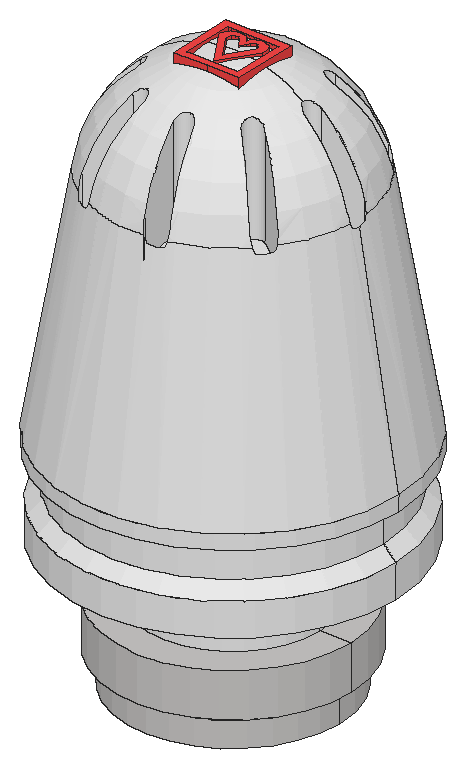
Revit family "HERZ-Mini-GS-Design-Thermostatic Sensor M28x1.5 9200 06", category Rohrzubehör, Revit 2021
Family settings
  Bemaßung runder Anschluss = Durchmesser verwenden
  Teiletyp = Normal
  OmniClass-Nummer = 23.65.55.14
  OmniClass-Titel = Valves for Liquid Services
  Arbeitsebenenbasiert = Nein
  Immer vertikal = Nein
  Beim Laden mit Abzugskörper schneiden = Nein
  Gemeinsam genutzt = Nein
Parameters
  Vorgabe-Ansicht = 0 mm
  URL = "www.herzvalves.com"
  Set value range = "6-28°C"  # constant formula
  S02 = 60 mm  # constant formula
  S01 = 73 mm  # constant formula
  Part number = 1920006  # constant formula
  Operation = "The HERZ thermostat serves as a sensing and control element.\r\nThe volumetric change of the liquid filling in the HERZ hydrosensor moves the thrust spindle of the valve."
  Shut off zero position = "When set to \"0\", the thermostatic valve is shut off and the frost protection is disabled."
  Hersteller = "HERZ Armaturen Ges.m.b.H."  # constant formula
  Hand wheel = "plastic, white"  # constant formula
  Frost protection = 6 °C  # constant formula
  Frost protection setpoint range = "6-28°C"  # constant formula
  Frost protection * = "When set to *, the valve automatically opens at approx.\r\n6 ° C ambient temperature and prevents the system from freezing."
  Application = "For mounting on valves that are designed for thermostatic operation."
Reference planes
  plane 1 "Mitte (Vorne/hinten)": y = 0
  plane 2: z = 0
  plane 3 "Mitte (Links/rechts)": x = 0
Forms (mm)
  Revolve 1, solid, material "Kunststoff weiß", detail levels fine
    sketch origin (0, 0, 0) x (1, 0, 0) y (0, 0, 1)
      loop
        line (0, 0) -> (0, 73)
        arc (0, 73) -> (-11.397, 68.78) -> (-17.297, 58.156) r 17.5
        arc (-17.297, 58.156) -> (-20.011, 42.065) -> (-22.88, 26) r 1681.293
        line (-22.88, 26) -> (-22.88, 24) -> (-20.75, 24) -> (-20.75, 19.25) -> (-22.5, 17.5) -> (-22.5, 13) -> (-12.8, 13)
        arc (-12.8, 13) -> (-12.234, 12.766) -> (-12, 12.2) r 0.8
        line (-12, 12.2) -> (-12, 4.8) -> (-13.2, 4.8) -> (-13.2, 0) -> (0, 0)
      axis (0, 73) -> (0, 0)
    angle from 0 to 360
  Revolve 2, solid, material "Messing verzinkt", detail levels fine
    sketch origin (0, 0, 0) x (1, 0, 0) y (0, 0, 1)
      loop
        line (0, 0) -> (0, 5.5) -> (-16.35, 5.5) -> (-16.35, -0.576) -> (-14.75, -1.5) -> (-14.75, -5) -> (-13.35, -5) -> (-13.35, 0) -> (0, 0)
      axis (0, 5.5) -> (0, -5)
    angle from 0 to 360
  Extrusion 3, void
    sketch origin (0, 0, 0) x (1, 0, 0) y (0, 1, 0)
      loop
        arc (11.027, 1.298) -> (9.8, 0) -> (11.027, -1.298) r 1.3
        line (11.027, -1.298) -> (16.77, -1.62)
        arc (16.77, -1.62) -> (17.178, -1.485) -> (17.384, -1.107) r 0.586
        arc (17.384, -1.107) -> (17.453, 0.011) -> (17.382, 1.129) r 9
        arc (17.382, 1.129) -> (17.183, 1.492) -> (16.79, 1.621) r 0.564
        line (16.79, 1.621) -> (11.027, 1.298)
      loop
        line (9.282, 6.094) -> (13.904, 9.55)
        arc (13.904, 9.55) -> (14.121, 9.902) -> (14.04, 10.308) r 0.564
        arc (14.04, 10.308) -> (13.376, 11.21) -> (12.605, 12.023) r 9
        arc (12.605, 12.023) -> (12.205, 12.18) -> (11.805, 12.021) r 0.586
        line (11.805, 12.021) -> (7.613, 8.082)
        arc (7.613, 8.082) -> (7.507, 6.299) -> (9.282, 6.094) r 1.3
      loop
        arc (0.637, 11.085) -> (1.702, 9.651) -> (3.193, 10.634) r 1.3
        line (3.193, 10.634) -> (4.508, 16.234)
        arc (4.508, 16.234) -> (4.445, 16.659) -> (4.109, 16.928) r 0.586
        arc (4.109, 16.928) -> (3.02, 17.189) -> (1.907, 17.313) r 9
        arc (1.907, 17.313) -> (1.515, 17.181) -> (1.319, 16.816) r 0.564
        line (1.319, 16.816) -> (0.637, 11.085)
      loop
        line (-4.39, 10.199) -> (-6.991, 15.351)
        arc (-6.991, 15.351) -> (-7.3, 15.626) -> (-7.713, 15.617) r 0.564
        arc (-7.713, 15.617) -> (-8.717, 15.12) -> (-9.651, 14.501) r 9
        arc (-9.651, 14.501) -> (-9.875, 14.134) -> (-9.788, 13.713) r 0.586
        line (-9.788, 13.713) -> (-6.638, 8.901)
        arc (-6.638, 8.901) -> (-4.9, 8.487) -> (-4.39, 10.199) r 1.3
      loop
        arc (-10.806, 2.552) -> (-9.209, 3.352) -> (-9.918, 4.991) r 1.3
        line (-9.918, 4.991) -> (-15.204, 7.258)
        arc (-15.204, 7.258) -> (-15.634, 7.271) -> (-15.957, 6.986) r 0.586
        arc (-15.957, 6.986) -> (-16.404, 5.959) -> (-16.719, 4.884) r 9
        arc (-16.719, 4.884) -> (-16.657, 4.475) -> (-16.332, 4.219) r 0.564
        line (-16.332, 4.219) -> (-10.806, 2.552)
      loop
        line (-10.806, -2.552) -> (-16.332, -4.219)
        arc (-16.332, -4.219) -> (-16.657, -4.475) -> (-16.719, -4.884) r 0.564
        arc (-16.719, -4.884) -> (-16.404, -5.959) -> (-15.957, -6.986) r 9
        arc (-15.957, -6.986) -> (-15.634, -7.271) -> (-15.204, -7.258) r 0.586
        line (-15.204, -7.258) -> (-9.918, -4.991)
        arc (-9.918, -4.991) -> (-9.209, -3.352) -> (-10.806, -2.552) r 1.3
      loop
        arc (9.282, -6.094) -> (7.507, -6.299) -> (7.613, -8.082) r 1.3
        line (7.613, -8.082) -> (11.805, -12.021)
        arc (11.805, -12.021) -> (12.205, -12.18) -> (12.605, -12.023) r 0.586
        arc (12.605, -12.023) -> (13.376, -11.21) -> (14.04, -10.308) r 9
        arc (14.04, -10.308) -> (14.121, -9.902) -> (13.904, -9.55) r 0.564
        line (13.904, -9.55) -> (9.282, -6.094)
      loop
        line (0.637, -11.085) -> (1.319, -16.816)
        arc (1.319, -16.816) -> (1.515, -17.181) -> (1.907, -17.313) r 0.564
        arc (1.907, -17.313) -> (3.02, -17.189) -> (4.109, -16.928) r 9
        arc (4.109, -16.928) -> (4.445, -16.659) -> (4.508, -16.234) r 0.586
        line (4.508, -16.234) -> (3.193, -10.634)
        arc (3.193, -10.634) -> (1.702, -9.651) -> (0.637, -11.085) r 1.3
      loop
        arc (-4.39, -10.199) -> (-4.9, -8.487) -> (-6.638, -8.901) r 1.3
        line (-6.638, -8.901) -> (-9.788, -13.713)
        arc (-9.788, -13.713) -> (-9.875, -14.134) -> (-9.651, -14.501) r 0.586
        arc (-9.651, -14.501) -> (-8.717, -15.12) -> (-7.713, -15.617) r 9
        arc (-7.713, -15.617) -> (-7.3, -15.626) -> (-6.991, -15.351) r 0.564
        line (-6.991, -15.351) -> (-4.39, -10.199)
    from 55 to 73
Cuts and joins
  Extrusion 3 cuts Revolve 1
Lines and regions (mm)
  model lines, detail levels coarse+medium
    curve 1: line (0, 0, 0) -> (0, 0, 13)
    curve 2: line (0, -0.017, 0) -> (0, 13, 0)
    curve 3: circle (0, 0, 43) r 30 normal (0, -1, 0)
    curve 4: circle (0, 0, 43) r 30 normal (1, 0, 0)
    curve 5: line (0, 0, 23) -> (0, 0, 63)
    curve 6: line (0, 17.5, 63) -> (0, -17.5, 63)
    curve 7: line (-17.5, 0, 63) -> (17.5, 0, 63)
    curve 8: circle (0, 43, 0) r 30 normal (0, 0, 1)
    curve 9: line (0, 23, 0) -> (0, 63, 0)
    curve 10: line (-17.5, 63, 0) -> (17.5, 63, 0)
Dimensions and locks
  "S01": curve 4 to plane 2
  "S01": curve 3 to plane 2
  "S01": plane 1 "Mitte (Vorne/hinten)" to curve 8
  "S02": diameter of curve 3
  "S02": diameter of curve 4
  "S02": diameter of curve 8
  aligned and locked: level to plane 2
Automatic sketch dimensions
  Revolve 1 sketch curve to level = 0 mm
  Revolve 1 sketch curve to plane 3 "Mitte (Links/rechts)" = 0 mm  (x2)
  Revolve 1 sketch curve to plane 3 "Mitte (Links/rechts)" = 12 mm
  Revolve 1 sketch curve to Revolve 1 sketch curve = 0.8 mm
  Revolve 1 sketch curve to Revolve 1 sketch curve = 1.2 mm
  Revolve 1 sketch curve to Revolve 1 sketch curve = 7.95 mm
  Revolve 1 sketch curve to Revolve 1 sketch curve = 1.75 mm  (x2)
  Revolve 1 sketch curve to Revolve 1 sketch curve = 2.13 mm
  level to Revolve 1 sketch curve = 329.658 mm
  Revolve 1 sketch curve to plane 3 "Mitte (Links/rechts)" = 1676.524 mm
  level to Revolve 1 sketch curve = 4.8 mm
  Revolve 1 sketch curve to Revolve 1 sketch curve = 7.4 mm
  Revolve 1 sketch curve to Revolve 1 sketch curve = 4.5 mm
  Revolve 1 sketch curve to Revolve 1 sketch curve = 4.75 mm
  Revolve 1 sketch curve to Revolve 1 sketch curve = 2 mm
  Revolve 1 sketch curve to Revolve 1 sketch curve = 29.5 mm
  Revolve 1 sketch curve to Revolve 1 sketch curve = 17.5 mm
  Revolve 1 sketch curve to level = 366.045 mm
  Revolve 1 sketch curve to Revolve 1 sketch curve = 2141.315 mm
  Revolve 2 sketch curve to level = 0 mm
  Revolve 2 sketch curve to plane 3 "Mitte (Links/rechts)" = 0 mm  (x2)
  Revolve 2 sketch curve to level = 5 mm
  Revolve 2 sketch curve to plane 3 "Mitte (Links/rechts)" = 13.35 mm
  Revolve 2 sketch curve to Revolve 2 sketch curve = 1.4 mm
  Revolve 2 sketch curve to level = 0.576 mm
  Revolve 2 sketch curve to Revolve 2 sketch curve = 1.6 mm
  Revolve 2 sketch curve to level = 1.5 mm
  level to Revolve 2 sketch curve = 5.5 mm
  Revolve 2 sketch curve to Revolve 2 sketch curve = 361.045 mm
  Revolve 2 sketch curve to Revolve 2 sketch curve = 2208.815 mm
  plane 1 "Mitte (Vorne/hinten)" to Extrusion 3 sketch curve = 0 mm  (x2)
  Extrusion 3 sketch curve to plane 1 "Mitte (Vorne/hinten)" = 4.219 mm
  Extrusion 3 sketch curve to plane 3 "Mitte (Links/rechts)" = 16.332 mm
  plane 1 "Mitte (Vorne/hinten)" to Extrusion 3 sketch curve = 4.219 mm
  Extrusion 3 sketch curve to Extrusion 3 sketch curve = 0 mm  (x11)
  Extrusion 3 sketch curve to Extrusion 3 sketch curve = 0.163 mm  (x2)
  Extrusion 3 sketch curve to Extrusion 3 sketch curve = 0.734 mm  (x2)
  plane 1 "Mitte (Vorne/hinten)" to Extrusion 3 sketch curve = 7.258 mm
  Extrusion 3 sketch curve to Extrusion 3 sketch curve = 0.231 mm  (x2)
  Extrusion 3 sketch curve to plane 1 "Mitte (Vorne/hinten)" = 7.258 mm
  plane 1 "Mitte (Vorne/hinten)" to Extrusion 3 sketch curve = 2.552 mm
  Extrusion 3 sketch curve to Extrusion 3 sketch curve = 5.526 mm
  Extrusion 3 sketch curve to plane 1 "Mitte (Vorne/hinten)" = 2.552 mm
  Extrusion 3 sketch curve to Extrusion 3 sketch curve = 0.375 mm  (x2)
  Extrusion 3 sketch curve to Extrusion 3 sketch curve = 0.512 mm  (x2)
  Extrusion 3 sketch curve to Extrusion 3 sketch curve = 5.416 mm  (x2)
  Extrusion 3 sketch curve to Extrusion 3 sketch curve = 0.49 mm  (x2)
  Extrusion 3 sketch curve to Extrusion 3 sketch curve = 2.488 mm  (x2)
  Extrusion 3 sketch curve to Extrusion 3 sketch curve = 1.803 mm  (x2)
  Extrusion 3 sketch curve to Extrusion 3 sketch curve = 0.504 mm  (x2)
  Extrusion 3 sketch curve to Extrusion 3 sketch curve = 3.281 mm  (x2)
  Extrusion 3 sketch curve to Extrusion 3 sketch curve = 1.088 mm  (x2)
  Extrusion 3 sketch curve to Extrusion 3 sketch curve = 1.16 mm  (x2)
  Extrusion 3 sketch curve to Extrusion 3 sketch curve = 1.324 mm  (x2)
  plane 3 "Mitte (Links/rechts)" to Extrusion 3 sketch curve = 0.637 mm  (x2)
  plane 3 "Mitte (Links/rechts)" to Extrusion 3 sketch curve = 1.319 mm  (x2)
  plane 3 "Mitte (Links/rechts)" to Extrusion 3 sketch curve = 1.468 mm  (x2)
  Extrusion 3 sketch curve to Extrusion 3 sketch curve = 0.561 mm  (x2)
  Extrusion 3 sketch curve to Extrusion 3 sketch curve = 1.291 mm  (x2)
  Extrusion 3 sketch curve to Extrusion 3 sketch curve = 1.266 mm  (x2)
  Extrusion 3 sketch curve to Extrusion 3 sketch curve = 2.058 mm  (x2)
  Extrusion 3 sketch curve to Extrusion 3 sketch curve = 0.57 mm  (x2)
  Extrusion 3 sketch curve to Extrusion 3 sketch curve = 5.007 mm  (x2)
  Extrusion 3 sketch curve to Extrusion 3 sketch curve = 1.138 mm  (x2)
  Extrusion 3 sketch curve to Extrusion 3 sketch curve = 1.978 mm
  Extrusion 3 sketch curve to Extrusion 3 sketch curve = 0.89 mm  (x2)
  Extrusion 3 sketch curve to Extrusion 3 sketch curve = 0.779 mm  (x2)
  plane 1 "Mitte (Vorne/hinten)" to Extrusion 3 sketch curve = 1.298 mm
  Extrusion 3 sketch curve to Extrusion 3 sketch curve = 2.575 mm
  Extrusion 3 sketch curve to Extrusion 3 sketch curve = 0.073 mm
  Extrusion 3 sketch curve to Extrusion 3 sketch curve = 4.192 mm  (x2)
  Extrusion 3 sketch curve to Extrusion 3 sketch curve = 0.401 mm  (x2)
  Extrusion 3 sketch curve to Extrusion 3 sketch curve = 1.36 mm  (x2)
  Extrusion 3 sketch curve to Extrusion 3 sketch curve = 0.338 mm  (x2)
  plane 1 "Mitte (Vorne/hinten)" to Extrusion 3 sketch curve = 1.62 mm
  Extrusion 3 sketch curve to Extrusion 3 sketch curve = 5.743 mm
  Extrusion 3 sketch curve to plane 1 "Mitte (Vorne/hinten)" = 1.621 mm
  Extrusion 3 sketch curve to Extrusion 3 sketch curve = 0.02 mm
  Extrusion 3 sketch curve to Extrusion 3 sketch curve = 0.033 mm
  Extrusion 3 sketch curve to Extrusion 3 sketch curve = 0.032 mm
  plane 1 "Mitte (Vorne/hinten)" to Extrusion 3 sketch curve = 7.32 mm
  Extrusion 3 sketch curve to Extrusion 3 sketch curve = 6.784 mm
  Extrusion 3 sketch curve to Extrusion 3 sketch curve = 1.004 mm
  Extrusion 3 sketch curve to Extrusion 3 sketch curve = 1.581 mm  (x2)
  Extrusion 3 sketch curve to Extrusion 3 sketch curve = 1.468 mm
  Extrusion 3 sketch curve to Extrusion 3 sketch curve = 0.712 mm  (x2)
  Extrusion 3 sketch curve to Extrusion 3 sketch curve = 0.452 mm  (x2)
  Extrusion 3 sketch curve to Extrusion 3 sketch curve = 2.31 mm  (x2)
  Extrusion 3 sketch curve to Extrusion 3 sketch curve = 0.297 mm  (x2)
  Extrusion 3 sketch curve to Extrusion 3 sketch curve = 1.591 mm  (x2)
  Extrusion 3 sketch curve to Extrusion 3 sketch curve = 0.427 mm  (x2)
  Extrusion 3 sketch curve to Extrusion 3 sketch curve = 4.812 mm  (x2)
  Extrusion 3 sketch curve to Extrusion 3 sketch curve = 0.321 mm  (x2)
  Extrusion 3 sketch curve to Extrusion 3 sketch curve = 1.063 mm  (x2)
  Extrusion 3 sketch curve to Extrusion 3 sketch curve = 0.254 mm  (x2)
  Extrusion 3 sketch curve to Extrusion 3 sketch curve = 5.599 mm  (x2)
  Extrusion 3 sketch curve to Extrusion 3 sketch curve = 0.134 mm  (x2)
  Extrusion 3 sketch curve to Extrusion 3 sketch curve = 0.382 mm  (x2)
  Extrusion 3 sketch curve to Extrusion 3 sketch curve = 0.067 mm  (x2)
  Extrusion 3 sketch curve to Extrusion 3 sketch curve = 0.947 mm
  Extrusion 3 sketch curve to Extrusion 3 sketch curve = 0.539 mm  (x2)
  Extrusion 3 sketch curve to Extrusion 3 sketch curve = 1.702 mm
  Extrusion 3 sketch curve to Extrusion 3 sketch curve = 2.439 mm
  Extrusion 3 sketch curve to Extrusion 3 sketch curve = 0.54 mm  (x2)
  Extrusion 3 sketch curve to Extrusion 3 sketch curve = 0.905 mm
  Extrusion 3 sketch curve to Extrusion 3 sketch curve = 0.585 mm
  Extrusion 3 sketch curve to Extrusion 3 sketch curve = 0.564 mm
  Extrusion 3 sketch curve to Extrusion 3 sketch curve = 0.339 mm
  Extrusion 3 sketch curve to Extrusion 3 sketch curve = 1.245 mm
  Extrusion 3 sketch curve to plane 1 "Mitte (Vorne/hinten)" = 5.433 mm
  Extrusion 3 sketch curve to Extrusion 3 sketch curve = 0.661 mm
  Extrusion 3 sketch curve to Extrusion 3 sketch curve = 1.041 mm
  Extrusion 3 sketch curve to Extrusion 3 sketch curve = 4.429 mm
  Extrusion 3 sketch curve to Extrusion 3 sketch curve = 2.891 mm
  Extrusion 3 sketch curve to Extrusion 3 sketch curve = 3.456 mm
  Extrusion 3 sketch curve to plane 1 "Mitte (Vorne/hinten)" = 1.298 mm  (x2)
  curve 5 to plane 1 "Mitte (Vorne/hinten)" = 0 mm
  curve 4 to plane 1 "Mitte (Vorne/hinten)" = 0 mm
  plane 1 "Mitte (Vorne/hinten)" to curve 6 = 17.5 mm
  curve 5 to curve 6 = 17.5 mm
  curve 5 to curve 4 = 20 mm
  curve 4 to curve 6 = 20 mm
  curve 3 to plane 3 "Mitte (Links/rechts)" = 0 mm
  curve 1 to plane 3 "Mitte (Links/rechts)" = 0 mm
  curve 1 to level = 0 mm
  curve 7 to plane 3 "Mitte (Links/rechts)" = 17.5 mm
  plane 3 "Mitte (Links/rechts)" to curve 7 = 17.5 mm
  curve 3 to curve 7 = 20 mm
  curve 8 to plane 3 "Mitte (Links/rechts)" = 0 mm
  curve 9 to plane 3 "Mitte (Links/rechts)" = 0 mm
  curve 2 to plane 3 "Mitte (Links/rechts)" = 0 mm
  curve 10 to curve 9 = 17.5 mm
  plane 3 "Mitte (Links/rechts)" to curve 10 = 17.5 mm
  plane 1 "Mitte (Vorne/hinten)" to curve 2 = 0.017 mm
  curve 2 to curve 9 = 10 mm
  curve 8 to curve 10 = 20 mm
Nested families
  nested 1: "Herz-Logo" at (0, 0, 71.5), type "Herz-Logo", detail levels fine
Definition of nested family "Herz-Logo"
  Parameters (values of type "Herz-Logo")
    Default Elevation = 0 mm
  Reference planes
    plane 1 "Mitte (Vorne/hinten)": y = 0
    plane 2: z = 0
    plane 3 "Mitte (Links/rechts)": x = 0
  Forms (mm)
    Extrusion 1, solid
      sketch origin (0, 0, 0) x (1, 0, 0) y (0, 1, 0)
        loop
          line (-0.018, -4.517) -> (4.482, -4.517) -> (4.482, 4.483) -> (-4.518, 4.483) -> (-4.518, -4.517) -> (-0.018, -4.517)
        loop
          line (-0.05, -3.48) -> (3.482, -3.48) -> (3.482, 3.483) -> (-3.518, 3.483) -> (-3.518, -3.48) -> (-0.05, -3.48)
        loop
          arc (-0.018, 2.383) -> (-1.543, 3.287) -> (-3.067, 2.383) r 1.738
          arc (-3.067, 2.383) -> (-3.191, 1.899) -> (-3.067, 1.415) r 1.009
          line (-3.067, 1.415) -> (-0.018, -3.281) -> (3.032, 1.415)
          arc (3.032, 1.415) -> (3.156, 1.899) -> (3.032, 2.383) r 1.009
          arc (3.032, 2.383) -> (1.507, 3.287) -> (-0.018, 2.383) r 1.738
        loop
          arc (1.885, 1.272) -> (2.005, 1.675) -> (1.885, 2.079) r 0.74
          arc (1.885, 2.079) -> (1.265, 2.416) -> (0.644, 2.079) r 0.74
          line (0.644, 2.079) -> (-0.018, 0.97) -> (-0.679, 2.079)
          arc (-0.679, 2.079) -> (-1.3, 2.416) -> (-1.921, 2.079) r 0.74
          arc (-1.921, 2.079) -> (-2.04, 1.675) -> (-1.921, 1.272) r 0.74
          line (-1.921, 1.272) -> (-0.018, -1.658) -> (1.885, 1.272)
      from 0 to 1.5
  Dimensions and locks
    aligned and locked: level to plane 2
